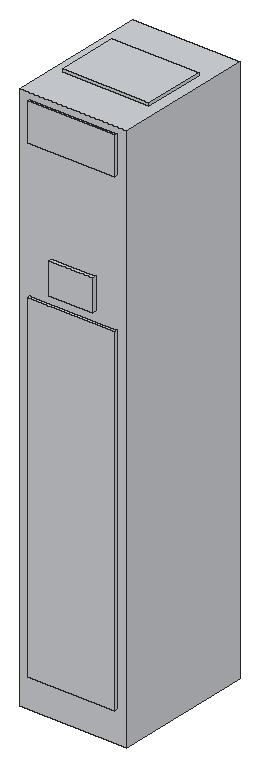
Revit family "M_Unidade de serpentina de ventilador - Vertical - Empilhado", category Equipamento mecânico, Revit 2019
Family settings
  Cota do conector redondo = Utilizar diâmetro
  Tipo de parte = Normal
  Número OmniClass = 23.75.70.17.27
  Título OmniClass = Fan Coil Units
  ID de item do Seek = Fan Coil Unit - Vertical - Stack-0000-CAN-ENU
  Com base no plano de trabalho = Não
  Sempre na vertical = Sim
  Corte com vazios quando carregada = Não
  Compartilhado = Não
  Ponto de cálculo do ambiente = Não
Parameters (values of type "141 LPS")
  Voltagem = 120 V
  Largura da unidade = 568.3 mm
  Comprimento da unidade = 431.8 mm
  Capacidade de resfriamento total = 3370.32 W
  Largura do ar de fornecimento superior = 350 mm
  Altura do ar de fornecimento superior = 250 mm
  Capacidade de resfriamento perceptível = 2051.5 W
  Largura do ar de retorno = 350 mm
  Número de pólos = 1
  Fluxo de ar nominal [instance] = 141.58 L/s
  Classificação de carga = Refrigeração
  Largura do ar de suprimento frontal = 350 mm
  Altura do ar de suprimento frontal = 150 mm
  Pressão estática externa [instance] = 12.0 Pa
  Fluxo da drenagem [instance] = 0.0 L/s
  Queda de pressão da água resfriada [instance] = 2247001.3 Pa
  Fluxo da água resfriada [instance] = 0.13 L/s
  Material CFU = none
  C4 Deslocamento 1 = 38.1 mm
  Carga aparente = 85 VA
Types (7, lengths in mm): name | Largura da unidade | Comprimento da unidade | Capacidade de resfriamento total | Largura do ar de fornecimento superior | Altura do ar de fornecimento superior | Capacidade de resfriamento perceptível | Largura do ar de retorno | Fluxo de ar nominal | Largura do ar de suprimento frontal | Altura do ar de suprimento frontal | Queda de pressão da água resfriada | Fluxo da água resfriada | C4 Deslocamento 1 | Carga aparente
  (no name) | 568.3 | 431.8 | 3370.32 W | 350 | 250 | 2051.5 W | 350 | 141.58 L/s | 350 | 150 | 2247001.3 Pa | 0.13 L/s | 38.1 | 85 VA
  141 LPS | 568.3 | 431.8 | 3370.32 W | 350 | 250 | 2051.5 W | 350 | 141.58 L/s | 350 | 150 | 2247001.3 Pa | 0.13 L/s | 38.1 | 85 VA
  188 LPS | 568.3 | 431.8 | 3985.77 W | 350 | 250 | 2637.64 W | 350 | 188.78 L/s | 350 | 150 | 3280525.4 Pa | 0.19 L/s | 38.1 | 115 VA
  282 LPS | 644.5 | 508 | 6418.26 W | 400 | 300 | 4102.99 W | 450 | 283.17 L/s | 450 | 150 | 1194861.4 Pa | 0.32 L/s | 50.8 | 135 VA
  376 LPS | 644.5 | 508 | 8059.45 W | 400 | 300 | 5216.67 W | 450 | 377.56 L/s | 450 | 150 | 1784363.1 Pa | 0.38 L/s | 50.8 | 210 VA
  470 LPS | 746.1 | 609.6 | 11048.8 W | 450 | 400 | 7180.24 W | 550 | 471.95 L/s | 550 | 200 | 1554078.2 Pa | 0.5 L/s | 76.2 | 290 VA
  564 LPS | 746.1 | 609.6 | 12631.4 W | 450 | 400 | 8323.22 W | 550 | 566.34 L/s | 550 | 200 | 1720241.9 Pa | 0.5 L/s | 76.2 | 380 VA
Reference planes
  plane 1 "Centro (Frente/Trás)": y = 0
  plane 2: z = 0
  plane 3 "Centro (Esquerda/Direita)": x = 0
  plane 4: x = 431.8
  plane 5: y = 568.3
  plane 6: z = 2235.2
  plane 7: x = 38.1
  plane 8: y = 415.9
  plane 9: y = 165.9
  plane 10: x = 388.1
  plane 11: z = 2247.9
  plane 12: x = 215.9
  plane 13: z = 2209.8
  plane 14: z = 2059.8
  plane 15: y = -12.7
  plane 16: x = 40.9
  plane 17: x = 390.9
  plane 18: z = 127
  plane 19: z = 1498.6
  plane 20: z = 1600.2
  plane 21: x = 127
  plane 22: x = 304.8
  plane 23: z = 1663.7
  plane 24: z = 1536.7
  plane 25: x = 215.9
  plane 26: x = 139.7
  plane 27: x = 292.1
  plane 28: y = 492.1
  plane 29: x = 40.9
  plane 30: x = 390.9
  plane 31: z = 12.7
Forms (mm)
  Extrusion 1, solid, material <- "Material CFU"
    sketch origin (0, 0, 0) x (1, 0, 0) y (0, 1, 0)
      loop
        line (0, 568.3) -> (0, 0) -> (431.8, 0) -> (431.8, 568.3) -> (0, 568.3)
    from 0 to 2235.2
  Extrusion 2, solid, material <- "Material CFU"
    sketch origin (0, 0, 0) x (1, 0, 0) y (0, 1, 0)
      loop
        line (38.1, 415.9) -> (38.1, 165.9) -> (388.1, 165.9) -> (388.1, 415.9) -> (38.1, 415.9)
    from 2235.2 to 2247.9
  Extrusion 3, solid, material <- "Material CFU"
    sketch origin (0, 0, 0) x (1, 0, 0) y (0, 0, 1)
      loop
        line (40.9, 2209.8) -> (40.9, 2059.8) -> (390.9, 2059.8) -> (390.9, 2209.8) -> (40.9, 2209.8)
    from 0 to 12.7
  Extrusion 4, solid, material <- "Material CFU"
    sketch origin (0, 0, 0) x (1, 0, 0) y (0, 0, 1)
      loop
        line (40.9, 127) -> (390.9, 127) -> (390.9, 1498.6) -> (40.9, 1498.6) -> (40.9, 127)
    from 0 to 12.7
  Extrusion 5, solid, material <- "Material CFU"
    sketch origin (0, 0, 0) x (1, 0, 0) y (0, 0, 1)
      loop
        line (127, 1663.7) -> (127, 1536.7) -> (304.8, 1536.7) -> (304.8, 1663.7) -> (127, 1663.7)
    from 0 to 12.7
  Extrusion 6, void
    sketch origin (0, 0, 0) x (1, 0, 0) y (0, 1, 0)
      loop
        circle (215.9, 492.1) r 9.525
    from 0 to 12.7
  Extrusion 7, void
    sketch origin (0, 0, 0) x (1, 0, 0) y (0, 1, 0)
      loop
        circle (292.1, 492.1) r 6.35
    from 0 to 12.7
  Extrusion 8, void
    sketch origin (0, 0, 0) x (1, 0, 0) y (0, 1, 0)
      loop
        circle (139.7, 492.1) r 6.35
    from 0 to 12.7
Cuts and joins
  Extrusion 6, Extrusion 7, Extrusion 8 cuts Extrusion 1
  joined: Extrusion 1, Extrusion 2, Extrusion 3, Extrusion 4, Extrusion 5
Dimensions and locks
  "Comprimento da unidade": plane 3 "Centro (Esquerda/Direita)" to plane 4
  locked: plane 6 to level at 2235.2
  "Altura do ar de fornecimento superior": plane 8 to plane 9
  "C4 Deslocamento 1": plane 3 "Centro (Esquerda/Direita)" to plane 7
  "Largura do ar de fornecimento superior": plane 7 to plane 10
  locked: plane 11 to plane 6 at 12.7
  equal spacing: plane 4, plane 12, plane 3 "Centro (Esquerda/Direita)"
  locked: plane 6 to plane 13 at 25.4
  "Altura do ar de suprimento frontal": plane 13 to plane 14
  locked: plane 15 to plane 1 "Centro (Frente/Trás)" at 12.7
  "Largura do ar de retorno": plane 16 to plane 17
  equal spacing: plane 16, plane 12, plane 17
  locked: plane 18 to level at 127
  locked: plane 19 to plane 18 at 1371.6
  locked: plane 20 to level at 1600.2
  plane 22 to plane 12 to plane 21 = 88.9 mm locked, 88.9 mm locked
  plane 23 to plane 20 to plane 24 = 63.5 mm locked, 63.5 mm locked
  equal spacing: plane 3 "Centro (Esquerda/Direita)", plane 25, plane 4
  plane 26 to plane 25 to plane 27 = 76.2 mm locked, 76.2 mm locked
  "Largura da unidade": plane 1 "Centro (Frente/Trás)" to plane 5
  locked: plane 5 to plane 8 at 152.4
  locked: plane 5 to plane 28 at 76.2
  equal spacing: group 1, group 3, group 4, group 5, group 6, group 7, group 8, group 9, group 10, group 11, group 12, group 13, group 14, group 15, group 16, group 17, group 18, group 19, group 20, group 21, group 22, group 23, group 2  (x2)
  equal spacing: group 2, group 23, group 22, group 21, group 20, group 19, group 18, group 17, group 16, group 15, group 14, group 13, group 12, group 11, group 10, group 9, group 8, group 7, group 6, group 5, group 4, group 3, group 1
  equal spacing: plane 30, plane 25, plane 29
  "Largura do ar de suprimento frontal": plane 30 to plane 29
  locked: plane 31 to level at 12.7
  radius of Extrusion 6 sketch curve = 9.525 mm
  radius of Extrusion 7 sketch curve = 6.35 mm
  radius of Extrusion 8 sketch curve = 6.35 mm
  aligned and locked: plane 3 "Centro (Esquerda/Direita)" to Extrusion 1 sketch curve
  aligned and locked: Extrusion 1 sketch curve to plane 5
  aligned and locked: plane 1 "Centro (Frente/Trás)" to Extrusion 1 sketch curve
  aligned and locked: Extrusion 1 sketch curve to plane 4
  aligned and locked: Extrusion 1 to plane 2
  aligned and locked: plane 6 to Extrusion 1
  aligned and locked: plane 7 to Extrusion 2 sketch curve
  aligned and locked: Extrusion 2 sketch curve to plane 8
  aligned and locked: plane 9 to Extrusion 2 sketch curve
  aligned and locked: Extrusion 2 sketch curve to plane 10
  aligned and locked: plane 11 to Extrusion 2
  aligned and locked: Extrusion 2 to plane 6
  aligned and locked: Extrusion 3 sketch curve to plane 13
  aligned and locked: plane 14 to Extrusion 3 sketch curve
  aligned and locked: Extrusion 3 to plane 15
  aligned and locked: Extrusion 3 to plane 1 "Centro (Frente/Trás)"
  aligned and locked: Extrusion 4 sketch curve to plane 18
  aligned and locked: plane 19 to Extrusion 4 sketch curve
  aligned and locked: plane 16 to Extrusion 4 sketch curve
  aligned and locked: plane 17 to Extrusion 4 sketch curve
  aligned and locked: Extrusion 4 to plane 15
  aligned and locked: Extrusion 4 to plane 1 "Centro (Frente/Trás)"
  aligned and locked: plane 21 to Extrusion 5 sketch curve
  aligned and locked: Extrusion 5 sketch curve to plane 23
  aligned and locked: plane 24 to Extrusion 5 sketch curve
  aligned and locked: plane 22 to Extrusion 5 sketch curve
  aligned and locked: Extrusion 5 to plane 15
  aligned and locked: Extrusion 5 to plane 1 "Centro (Frente/Trás)"
  aligned and locked: plane 19 to Extrusion 4
  aligned and locked: Extrusion 4 to plane 18
  aligned and locked: plane 25 to Extrusion 6 sketch curve
  aligned and locked: plane 27 to Extrusion 7 sketch curve
  aligned and locked: plane 28 to Extrusion 6 sketch curve
  aligned and locked: plane 28 to Extrusion 7 sketch curve
  aligned and locked: plane 28 to Extrusion 8 sketch curve
  aligned and locked: plane 26 to Extrusion 8 sketch curve
  aligned and locked: plane 16 to nested 1
  aligned and locked: nested 1 to plane 19
  aligned and locked: plane 16 to nested 2
  aligned and locked: nested 2 to plane 18
  aligned and locked: plane 29 to Extrusion 3 sketch curve
  aligned and locked: plane 30 to Extrusion 3 sketch curve
  aligned and locked: plane 31 to cut or joined group 1 (Extrusion 1, Extrusion 2, Extrusion 3, Extrusion 4, Extrusion 5, Extrusion 6, Extrusion 7, Extrusion 8)  (x3)
  aligned and locked: cut or joined group 1 to plane 2  (x3)
Nested families
  nested 1: "M_Unidade de serpentina de ventilador - Vertical - Empilhado_Grade" at (40.9, -12.7, 1498.6) x (1, 0, 0) z (0, -1, 0), type "Unidade de serpentina de ventilador - Vertical - Empilhado_Grade"
  nested 2: "M_Unidade de serpentina de ventilador - Vertical - Empilhado_Grade" at (40.9, -12.7, 127) x (1, 0, 0) z (0, -1, 0), type "Unidade de serpentina de ventilador - Vertical - Empilhado_Grade"
  nested 3: "M_Unidade de serpentina de ventilador - Vertical - Empilhado_Grade" at (40.9, -12.7, 1436.255) x (1, 0, 0) z (0, -1, 0), type "Unidade de serpentina de ventilador - Vertical - Empilhado_Grade"
  nested 4: "M_Unidade de serpentina de ventilador - Vertical - Empilhado_Grade" at (40.9, -12.7, 1373.909) x (1, 0, 0) z (0, -1, 0), type "Unidade de serpentina de ventilador - Vertical - Empilhado_Grade"
  nested 5: "M_Unidade de serpentina de ventilador - Vertical - Empilhado_Grade" at (40.9, -12.7, 1311.564) x (1, 0, 0) z (0, -1, 0), type "Unidade de serpentina de ventilador - Vertical - Empilhado_Grade"
  nested 6: "M_Unidade de serpentina de ventilador - Vertical - Empilhado_Grade" at (40.9, -12.7, 1249.218) x (1, 0, 0) z (0, -1, 0), type "Unidade de serpentina de ventilador - Vertical - Empilhado_Grade"
  nested 7: "M_Unidade de serpentina de ventilador - Vertical - Empilhado_Grade" at (40.9, -12.7, 1186.873) x (1, 0, 0) z (0, -1, 0), type "Unidade de serpentina de ventilador - Vertical - Empilhado_Grade"
  nested 8: "M_Unidade de serpentina de ventilador - Vertical - Empilhado_Grade" at (40.9, -12.7, 1124.527) x (1, 0, 0) z (0, -1, 0), type "Unidade de serpentina de ventilador - Vertical - Empilhado_Grade"
  nested 9: "M_Unidade de serpentina de ventilador - Vertical - Empilhado_Grade" at (40.9, -12.7, 1062.182) x (1, 0, 0) z (0, -1, 0), type "Unidade de serpentina de ventilador - Vertical - Empilhado_Grade"
  nested 10: "M_Unidade de serpentina de ventilador - Vertical - Empilhado_Grade" at (40.9, -12.7, 999.836) x (1, 0, 0) z (0, -1, 0), type "Unidade de serpentina de ventilador - Vertical - Empilhado_Grade"
  nested 11: "M_Unidade de serpentina de ventilador - Vertical - Empilhado_Grade" at (40.9, -12.7, 937.491) x (1, 0, 0) z (0, -1, 0), type "Unidade de serpentina de ventilador - Vertical - Empilhado_Grade"
  nested 12: "M_Unidade de serpentina de ventilador - Vertical - Empilhado_Grade" at (40.9, -12.7, 875.145) x (1, 0, 0) z (0, -1, 0), type "Unidade de serpentina de ventilador - Vertical - Empilhado_Grade"
  nested 13: "M_Unidade de serpentina de ventilador - Vertical - Empilhado_Grade" at (40.9, -12.7, 812.8) x (1, 0, 0) z (0, -1, 0), type "Unidade de serpentina de ventilador - Vertical - Empilhado_Grade"
  nested 14: "M_Unidade de serpentina de ventilador - Vertical - Empilhado_Grade" at (40.9, -12.7, 750.455) x (1, 0, 0) z (0, -1, 0), type "Unidade de serpentina de ventilador - Vertical - Empilhado_Grade"
  nested 15: "M_Unidade de serpentina de ventilador - Vertical - Empilhado_Grade" at (40.9, -12.7, 688.109) x (1, 0, 0) z (0, -1, 0), type "Unidade de serpentina de ventilador - Vertical - Empilhado_Grade"
  nested 16: "M_Unidade de serpentina de ventilador - Vertical - Empilhado_Grade" at (40.9, -12.7, 625.764) x (1, 0, 0) z (0, -1, 0), type "Unidade de serpentina de ventilador - Vertical - Empilhado_Grade"
  nested 17: "M_Unidade de serpentina de ventilador - Vertical - Empilhado_Grade" at (40.9, -12.7, 563.418) x (1, 0, 0) z (0, -1, 0), type "Unidade de serpentina de ventilador - Vertical - Empilhado_Grade"
  nested 18: "M_Unidade de serpentina de ventilador - Vertical - Empilhado_Grade" at (40.9, -12.7, 501.073) x (1, 0, 0) z (0, -1, 0), type "Unidade de serpentina de ventilador - Vertical - Empilhado_Grade"
  nested 19: "M_Unidade de serpentina de ventilador - Vertical - Empilhado_Grade" at (40.9, -12.7, 438.727) x (1, 0, 0) z (0, -1, 0), type "Unidade de serpentina de ventilador - Vertical - Empilhado_Grade"
  nested 20: "M_Unidade de serpentina de ventilador - Vertical - Empilhado_Grade" at (40.9, -12.7, 376.382) x (1, 0, 0) z (0, -1, 0), type "Unidade de serpentina de ventilador - Vertical - Empilhado_Grade"
  nested 21: "M_Unidade de serpentina de ventilador - Vertical - Empilhado_Grade" at (40.9, -12.7, 314.036) x (1, 0, 0) z (0, -1, 0), type "Unidade de serpentina de ventilador - Vertical - Empilhado_Grade"
  nested 22: "M_Unidade de serpentina de ventilador - Vertical - Empilhado_Grade" at (40.9, -12.7, 251.691) x (1, 0, 0) z (0, -1, 0), type "Unidade de serpentina de ventilador - Vertical - Empilhado_Grade"
  nested 23: "M_Unidade de serpentina de ventilador - Vertical - Empilhado_Grade" at (40.9, -12.7, 189.345) x (1, 0, 0) z (0, -1, 0), type "Unidade de serpentina de ventilador - Vertical - Empilhado_Grade"
Connectors
  piping at (139.7, 492.1, 0), diameter 12.7, driven by "Fluxo da água resfriada"
    settings: on cut or joined group 1, index 1, connector inside diameter 12.7 mm, connector length 0 mm, flow factor 0, pipe flow 0.13 L/s, pressure drop 0.0 Pa, fitting loss kfactor 0, connector angle 0.00°, fixture units 0, engagement length 0 mm, angle of deflection 0.00°, flow configuration 1, flow direction 1, fitting loss method 4, system type 7, joint type 0, gender type 0, connector reference index 2, connector utility 0, adjustable connector no, is connector primary yes, connector description "Água resfriada, Entrada"
  piping at (292.1, 492.1, 0), diameter 12.7, driven by "Fluxo da água resfriada", driven by "Queda de pressão da água resfriada"
    settings: on cut or joined group 1, index 2, connector inside diameter 12.7 mm, connector length 0 mm, flow factor 0, pipe flow 0.13 L/s, pressure drop 2247001.3 Pa, fitting loss kfactor 0, connector angle 0.00°, fixture units 0, engagement length 0 mm, angle of deflection 0.00°, flow configuration 1, flow direction 2, fitting loss method 4, system type 8, joint type 0, gender type 0, connector reference index 1, connector utility 0, adjustable connector no, is connector primary no, connector description "Água resfriada, Saída"
  piping at (215.9, 492.1, 0), diameter 19.05, driven by "Fluxo da drenagem"
    settings: on cut or joined group 1, index 3, connector inside diameter 19.05 mm, connector length 0 mm, flow factor 0, pipe flow 0.0 L/s, pressure drop 0.0 Pa, fitting loss kfactor 0, connector angle 0.00°, fixture units 0, engagement length 0 mm, angle of deflection 0.00°, flow configuration 1, flow direction 2, fitting loss method 0, system type 16, joint type 0, gender type 0, connector reference index -1, connector utility 0, adjustable connector no, is connector primary no, connector description "Drenagem, Saída"
  hvac at (213.1, 290.9, 2247.9), driven by "Fluxo de ar nominal", driven by "Altura do ar de fornecimento superior", driven by "Largura do ar de fornecimento superior"
    settings: on Extrusion 2, index 4, duct flow 141.58 L/s, flow factor 0, pres drop 0.0 Pa, loss coef 0, conn angle 0.00°, conn width 350 mm, conn height 250 mm, conn diameter 609.6 mm, duct sys type 1, conn prof type 1, flow config 0, flow direction 2, loss method 0, conn ref index -1, conn util no, is conn primary yes, conn desc ""
  hvac at (215.9, -12.7, 2134.8), driven by "Fluxo de ar nominal", driven by "Altura do ar de suprimento frontal", driven by "Largura do ar de suprimento frontal"
    settings: on Extrusion 3, index 5, duct flow 141.58 L/s, flow factor 0, pres drop 0.0 Pa, loss coef 0, conn angle 0.00°, conn width 350 mm, conn height 150 mm, conn diameter 609.6 mm, duct sys type 1, conn prof type 1, flow config 0, flow direction 2, loss method 0, conn ref index -1, conn util no, is conn primary no, conn desc ""
  hvac at (215.9, -12.7, 812.8), driven by "Fluxo de ar nominal", driven by "Largura do ar de retorno"
    settings: on Extrusion 4, index 6, duct flow 141.58 L/s, flow factor 0, pres drop 0.0 Pa, loss coef 0, conn angle 0.00°, conn width 350 mm, conn height 1371.6 mm, conn diameter 609.6 mm, duct sys type 2, conn prof type 1, flow config 0, flow direction 1, loss method 0, conn ref index -1, conn util no, is conn primary no, conn desc ""
  electrical at (215.9, -12.7, 1600.2), driven by "Carga aparente", driven by "Voltagem", driven by "Número de pólos", driven by "Classificação de carga"
    settings: on Extrusion 5, index 7, voltage 120 V, apparent load 85 VA, apparent load phase1 0 VA, apparent load phase2 0 VA, apparent load phase3 0 VA, power factor 0.8, load classification "Refrigeração", number of poles 1, system type 30, power factor state 1, is connector primary yes, connector utility no, sub classification motor no, connector description ""
Definition of nested family "M_Unidade de serpentina de ventilador - Vertical - Empilhado_Grade"
  Parameters
    Comprimento 1 = 350 mm
    Default Elevation = 1219.2 mm
  Reference planes
    plane 1 "Centro (Frente/Trás)": y = 0
    plane 2: z = 0
    plane 3 "Centro (Esquerda/Direita)": x = 0
    plane 4: x = 350
  Forms (mm)
    Extrusion 1, solid
      sketch origin (0, 0, 0) x (1, 0, 0) y (0, 1, 0)
        loop
          line (-1219.2, 1219.2) -> (-1219.2, -1219.2) -> (1219.2, -1219.2) -> (1219.2, 1219.2) -> (-1219.2, 1219.2)
      from 0 to -304.8
  Lines and regions (mm)
    model lines
      curve 1: line (0, 0, 0) -> (350, 0, 0)
  Dimensions and locks
    "Comprimento 1": plane 3 "Centro (Esquerda/Direita)" to plane 4
    aligned and locked: plane 2 to Extrusion 1
    aligned and locked: level to Extrusion 1
    aligned and locked: plane 3 "Centro (Esquerda/Direita)" to curve 1
    aligned and locked: plane 4 to curve 1
    aligned and locked: plane 1 "Centro (Frente/Trás)" to curve 1
  Automatic sketch dimensions
    Extrusion 1 sketch curve to Extrusion 1 sketch curve = 2438.4 mm  (x2)
